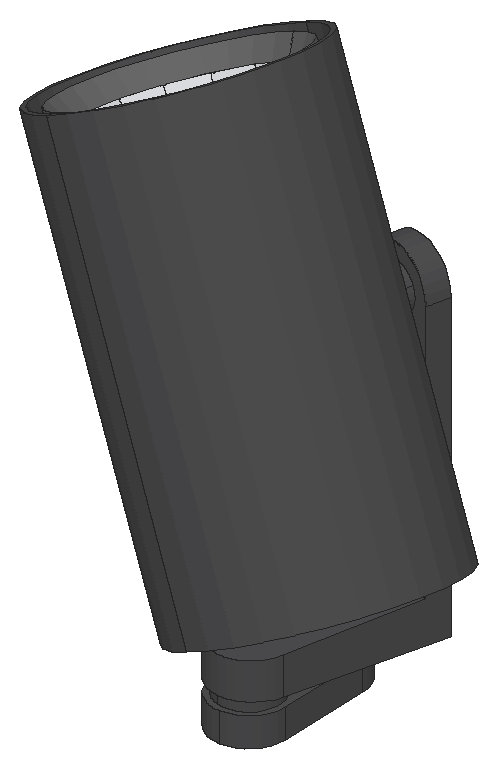
Revit family "Canilo", category Lighting Fixtures, host Face, Revit 2017 (continued)
Types (810, lengths in mm): name | system luminous flux | TK_Optic | TK_Body | System performance | SEO | ProductDataSheet | Mat | Luminaire colour | Lumen category | Lighting technology | Light colour | Lamp | IESFile | Cover / filter | CRI | Beam angle | Apparent Load
  CANILO  3P 01 LED2000-BVC FL  ET 01 | 1955 lm | "10125196" | "10161309" | 20 VA | Oktalite_Canilo_WH3100 | "http://www.oktalite.com/datasheet_print.php?language=EN&productid=63&lampid=81" | Oktalite_Alu_RAL_9016 | "RAL 9016 traffic white" | "2000 lm" | "LED" | "B+V+C" | "LED" | "CANILO_LED_FL.ies" | "without" | "-" | "Flood" | 20 VA
  CANILO  3P 01 LED2000-BVC MF-c ET 01 | 1955 lm | "10127063" | "10161309" | 20 VA | Oktalite_Canilo_WH3100 | "http://www.oktalite.com/datasheet_print.php?language=EN&productid=63&lampid=81" | Oktalite_Alu_RAL_9016 | "RAL 9016 traffic white" | "2000 lm" | "LED" | "B+V+C" | "LED" | "CANILO_LED_MF.ies" | "clear" | "-" | "Medium Flood" | 20 VA
  CANILO  3P 01 LED2000-BVC MF  ET 01 | 1955 lm | "10125193" | "10161309" | 20 VA | Oktalite_Canilo_WH3100 | "http://www.oktalite.com/datasheet_print.php?language=EN&productid=63&lampid=81" | Oktalite_Alu_RAL_9016 | "RAL 9016 traffic white" | "2000 lm" | "LED" | "B+V+C" | "LED" | "CANILO_LED_MF.ies" | "without" | "-" | "Medium Flood" | 20 VA
  CANILO  3P 01 LED2000-BVC SP-c ET 01 | 1955 lm | "10127062" | "10161309" | 20 VA | Oktalite_Canilo_WH3100 | "http://www.oktalite.com/datasheet_print.php?language=EN&productid=63&lampid=81" | Oktalite_Alu_RAL_9016 | "RAL 9016 traffic white" | "2000 lm" | "LED" | "B+V+C" | "LED" | "CANILO_LED_SP.ies" | "clear" | "-" | "Spot" | 20 VA
  CANILO  3P 01 LED2000-BVC SP  ET 01 | 1955 lm | "10125190" | "10161309" | 20 VA | Oktalite_Canilo_WH3100 | "http://www.oktalite.com/datasheet_print.php?language=EN&productid=63&lampid=81" | Oktalite_Alu_RAL_9016 | "RAL 9016 traffic white" | "2000 lm" | "LED" | "B+V+C" | "LED" | "CANILO_LED_SP.ies" | "without" | "-" | "Spot" | 20 VA
  CANILO  3P 05 LED3000-831 VFL-c ET 05 | 2815 lm | "10147536" | "10161666" | 24 VA | Oktalite_Canilo_WH3100 | "http://www.oktalite.com/datasheet_print.php?language=EN&productid=63&lampid=81" | Oktalite_Alu_RAL_9005 | "RAL 9005 jet black" | "3000 lm" | "LED" | "3100 K Efficient Colour" | "LED" | "CANILO_LED_VFL.ies" | "clear" | "85" | "Very Wide Flood" | 24 VA
  CANILO  3P 05 LED3000-831 VFL  ET 05 | 2815 lm | "10147502" | "10161666" | 24 VA | Oktalite_Canilo_WH3100 | "http://www.oktalite.com/datasheet_print.php?language=EN&productid=63&lampid=81" | Oktalite_Alu_RAL_9005 | "RAL 9005 jet black" | "3000 lm" | "LED" | "3100 K Efficient Colour" | "LED" | "CANILO_LED_VFL.ies" | "without" | "85" | "Very Wide Flood" | 24 VA
  CANILO  3P 05 LED3000-831 WFL-c ET 05 | 2815 lm | "10147535" | "10161666" | 24 VA | Oktalite_Canilo_WH3100 | "http://www.oktalite.com/datasheet_print.php?language=EN&productid=63&lampid=81" | Oktalite_Alu_RAL_9005 | "RAL 9005 jet black" | "3000 lm" | "LED" | "3100 K Efficient Colour" | "LED" | "CANILO_LED_WFL.ies" | "clear" | "85" | "Wide Flood" | 24 VA
  CANILO  3P 05 LED3000-831 WFL  ET 05 | 2815 lm | "10147501" | "10161666" | 24 VA | Oktalite_Canilo_WH3100 | "http://www.oktalite.com/datasheet_print.php?language=EN&productid=63&lampid=81" | Oktalite_Alu_RAL_9005 | "RAL 9005 jet black" | "3000 lm" | "LED" | "3100 K Efficient Colour" | "LED" | "CANILO_LED_WFL.ies" | "without" | "85" | "Wide Flood" | 24 VA
  CANILO  3P 05 LED3000-831 FL-c ET 05 | 2815 lm | "10127064" | "10161666" | 24 VA | Oktalite_Canilo_WH3100 | "http://www.oktalite.com/datasheet_print.php?language=EN&productid=63&lampid=81" | Oktalite_Alu_RAL_9005 | "RAL 9005 jet black" | "3000 lm" | "LED" | "3100 K Efficient Colour" | "LED" | "CANILO_LED_FL.ies" | "clear" | "85" | "Flood" | 24 VA
  CANILO  3P 05 LED3000-831 FL  ET 05 | 2815 lm | "10125196" | "10161666" | 24 VA | Oktalite_Canilo_WH3100 | "http://www.oktalite.com/datasheet_print.php?language=EN&productid=63&lampid=81" | Oktalite_Alu_RAL_9005 | "RAL 9005 jet black" | "3000 lm" | "LED" | "3100 K Efficient Colour" | "LED" | "CANILO_LED_FL.ies" | "without" | "85" | "Flood" | 24 VA
  CANILO  3P 05 LED3000-831 MF-c ET 05 | 2815 lm | "10127063" | "10161666" | 24 VA | Oktalite_Canilo_WH3100 | "http://www.oktalite.com/datasheet_print.php?language=EN&productid=63&lampid=81" | Oktalite_Alu_RAL_9005 | "RAL 9005 jet black" | "3000 lm" | "LED" | "3100 K Efficient Colour" | "LED" | "CANILO_LED_MF.ies" | "clear" | "85" | "Medium Flood" | 24 VA
  CANILO  3P 05 LED3000-831 MF  ET 05 | 2815 lm | "10125193" | "10161666" | 24 VA | Oktalite_Canilo_WH3100 | "http://www.oktalite.com/datasheet_print.php?language=EN&productid=63&lampid=81" | Oktalite_Alu_RAL_9005 | "RAL 9005 jet black" | "3000 lm" | "LED" | "3100 K Efficient Colour" | "LED" | "CANILO_LED_MF.ies" | "without" | "85" | "Medium Flood" | 24 VA
  CANILO  3P 05 LED3000-831 SP-c ET 05 | 2815 lm | "10127062" | "10161666" | 24 VA | Oktalite_Canilo_WH3100 | "http://www.oktalite.com/datasheet_print.php?language=EN&productid=63&lampid=81" | Oktalite_Alu_RAL_9005 | "RAL 9005 jet black" | "3000 lm" | "LED" | "3100 K Efficient Colour" | "LED" | "CANILO_LED_SP.ies" | "clear" | "85" | "Spot" | 24 VA
  CANILO  3P 05 LED3000-831 SP  ET 05 | 2815 lm | "10125190" | "10161666" | 24 VA | Oktalite_Canilo_WH3100 | "http://www.oktalite.com/datasheet_print.php?language=EN&productid=63&lampid=81" | Oktalite_Alu_RAL_9005 | "RAL 9005 jet black" | "3000 lm" | "LED" | "3100 K Efficient Colour" | "LED" | "CANILO_LED_SP.ies" | "without" | "85" | "Spot" | 24 VA
  CANILO  3P 05 LED3000-831 VFL-c ET 03 | 2815 lm | "10147536" | "10161665" | 24 VA | Oktalite_Canilo_WH3100 | "http://www.oktalite.com/datasheet_print.php?language=EN&productid=63&lampid=81" | Oktalite_Alu_RAL_9006 | "RAL 9006 white aluminium" | "3000 lm" | "LED" | "3100 K Efficient Colour" | "LED" | "CANILO_LED_VFL.ies" | "clear" | "85" | "Very Wide Flood" | 24 VA
  CANILO  3P 05 LED3000-831 VFL  ET 03 | 2815 lm | "10147502" | "10161665" | 24 VA | Oktalite_Canilo_WH3100 | "http://www.oktalite.com/datasheet_print.php?language=EN&productid=63&lampid=81" | Oktalite_Alu_RAL_9006 | "RAL 9006 white aluminium" | "3000 lm" | "LED" | "3100 K Efficient Colour" | "LED" | "CANILO_LED_VFL.ies" | "without" | "85" | "Very Wide Flood" | 24 VA
  CANILO  3P 05 LED3000-831 WFL-c ET 03 | 2815 lm | "10147535" | "10161665" | 24 VA | Oktalite_Canilo_WH3100 | "http://www.oktalite.com/datasheet_print.php?language=EN&productid=63&lampid=81" | Oktalite_Alu_RAL_9006 | "RAL 9006 white aluminium" | "3000 lm" | "LED" | "3100 K Efficient Colour" | "LED" | "CANILO_LED_WFL.ies" | "clear" | "85" | "Wide Flood" | 24 VA
  CANILO  3P 05 LED3000-831 WFL  ET 03 | 2815 lm | "10147501" | "10161665" | 24 VA | Oktalite_Canilo_WH3100 | "http://www.oktalite.com/datasheet_print.php?language=EN&productid=63&lampid=81" | Oktalite_Alu_RAL_9006 | "RAL 9006 white aluminium" | "3000 lm" | "LED" | "3100 K Efficient Colour" | "LED" | "CANILO_LED_WFL.ies" | "without" | "85" | "Wide Flood" | 24 VA
  CANILO  3P 05 LED3000-831 FL-c ET 03 | 2815 lm | "10127064" | "10161665" | 24 VA | Oktalite_Canilo_WH3100 | "http://www.oktalite.com/datasheet_print.php?language=EN&productid=63&lampid=81" | Oktalite_Alu_RAL_9006 | "RAL 9006 white aluminium" | "3000 lm" | "LED" | "3100 K Efficient Colour" | "LED" | "CANILO_LED_FL.ies" | "clear" | "85" | "Flood" | 24 VA
  CANILO  3P 05 LED3000-831 FL  ET 03 | 2815 lm | "10125196" | "10161665" | 24 VA | Oktalite_Canilo_WH3100 | "http://www.oktalite.com/datasheet_print.php?language=EN&productid=63&lampid=81" | Oktalite_Alu_RAL_9006 | "RAL 9006 white aluminium" | "3000 lm" | "LED" | "3100 K Efficient Colour" | "LED" | "CANILO_LED_FL.ies" | "without" | "85" | "Flood" | 24 VA
  CANILO  3P 05 LED3000-831 MF-c ET 03 | 2815 lm | "10127063" | "10161665" | 24 VA | Oktalite_Canilo_WH3100 | "http://www.oktalite.com/datasheet_print.php?language=EN&productid=63&lampid=81" | Oktalite_Alu_RAL_9006 | "RAL 9006 white aluminium" | "3000 lm" | "LED" | "3100 K Efficient Colour" | "LED" | "CANILO_LED_MF.ies" | "clear" | "85" | "Medium Flood" | 24 VA
  CANILO  3P 05 LED3000-831 MF  ET 03 | 2815 lm | "10125193" | "10161665" | 24 VA | Oktalite_Canilo_WH3100 | "http://www.oktalite.com/datasheet_print.php?language=EN&productid=63&lampid=81" | Oktalite_Alu_RAL_9006 | "RAL 9006 white aluminium" | "3000 lm" | "LED" | "3100 K Efficient Colour" | "LED" | "CANILO_LED_MF.ies" | "without" | "85" | "Medium Flood" | 24 VA
  CANILO  3P 05 LED3000-831 SP-c ET 03 | 2815 lm | "10127062" | "10161665" | 24 VA | Oktalite_Canilo_WH3100 | "http://www.oktalite.com/datasheet_print.php?language=EN&productid=63&lampid=81" | Oktalite_Alu_RAL_9006 | "RAL 9006 white aluminium" | "3000 lm" | "LED" | "3100 K Efficient Colour" | "LED" | "CANILO_LED_SP.ies" | "clear" | "85" | "Spot" | 24 VA
  CANILO  3P 05 LED3000-831 SP  ET 03 | 2815 lm | "10125190" | "10161665" | 24 VA | Oktalite_Canilo_WH3100 | "http://www.oktalite.com/datasheet_print.php?language=EN&productid=63&lampid=81" | Oktalite_Alu_RAL_9006 | "RAL 9006 white aluminium" | "3000 lm" | "LED" | "3100 K Efficient Colour" | "LED" | "CANILO_LED_SP.ies" | "without" | "85" | "Spot" | 24 VA
  CANILO  3P 01 LED3000-831 VFL-c ET 01 | 2815 lm | "10147536" | "10161664" | 24 VA | Oktalite_Canilo_WH3100 | "http://www.oktalite.com/datasheet_print.php?language=EN&productid=63&lampid=81" | Oktalite_Alu_RAL_9016 | "RAL 9016 traffic white" | "3000 lm" | "LED" | "3100 K Efficient Colour" | "LED" | "CANILO_LED_VFL.ies" | "clear" | "85" | "Very Wide Flood" | 24 VA
  CANILO  3P 01 LED3000-831 VFL  ET 01 | 2815 lm | "10147502" | "10161664" | 24 VA | Oktalite_Canilo_WH3100 | "http://www.oktalite.com/datasheet_print.php?language=EN&productid=63&lampid=81" | Oktalite_Alu_RAL_9016 | "RAL 9016 traffic white" | "3000 lm" | "LED" | "3100 K Efficient Colour" | "LED" | "CANILO_LED_VFL.ies" | "without" | "85" | "Very Wide Flood" | 24 VA
  CANILO  3P 01 LED3000-831 WFL-c ET 01 | 2815 lm | "10147535" | "10161664" | 24 VA | Oktalite_Canilo_WH3100 | "http://www.oktalite.com/datasheet_print.php?language=EN&productid=63&lampid=81" | Oktalite_Alu_RAL_9016 | "RAL 9016 traffic white" | "3000 lm" | "LED" | "3100 K Efficient Colour" | "LED" | "CANILO_LED_WFL.ies" | "clear" | "85" | "Wide Flood" | 24 VA
  CANILO  3P 01 LED3000-831 WFL  ET 01 | 2815 lm | "10147501" | "10161664" | 24 VA | Oktalite_Canilo_WH3100 | "http://www.oktalite.com/datasheet_print.php?language=EN&productid=63&lampid=81" | Oktalite_Alu_RAL_9016 | "RAL 9016 traffic white" | "3000 lm" | "LED" | "3100 K Efficient Colour" | "LED" | "CANILO_LED_WFL.ies" | "without" | "85" | "Wide Flood" | 24 VA
  CANILO  3P 01 LED3000-831 FL-c ET 01 | 2815 lm | "10127064" | "10161664" | 24 VA | Oktalite_Canilo_WH3100 | "http://www.oktalite.com/datasheet_print.php?language=EN&productid=63&lampid=81" | Oktalite_Alu_RAL_9016 | "RAL 9016 traffic white" | "3000 lm" | "LED" | "3100 K Efficient Colour" | "LED" | "CANILO_LED_FL.ies" | "clear" | "85" | "Flood" | 24 VA
  CANILO  3P 01 LED3000-831 FL  ET 01 | 2815 lm | "10125196" | "10161664" | 24 VA | Oktalite_Canilo_WH3100 | "http://www.oktalite.com/datasheet_print.php?language=EN&productid=63&lampid=81" | Oktalite_Alu_RAL_9016 | "RAL 9016 traffic white" | "3000 lm" | "LED" | "3100 K Efficient Colour" | "LED" | "CANILO_LED_FL.ies" | "without" | "85" | "Flood" | 24 VA
  CANILO  3P 01 LED3000-831 MF-c ET 01 | 2815 lm | "10127063" | "10161664" | 24 VA | Oktalite_Canilo_WH3100 | "http://www.oktalite.com/datasheet_print.php?language=EN&productid=63&lampid=81" | Oktalite_Alu_RAL_9016 | "RAL 9016 traffic white" | "3000 lm" | "LED" | "3100 K Efficient Colour" | "LED" | "CANILO_LED_MF.ies" | "clear" | "85" | "Medium Flood" | 24 VA
  CANILO  3P 01 LED3000-831 MF  ET 01 | 2815 lm | "10125193" | "10161664" | 24 VA | Oktalite_Canilo_WH3100 | "http://www.oktalite.com/datasheet_print.php?language=EN&productid=63&lampid=81" | Oktalite_Alu_RAL_9016 | "RAL 9016 traffic white" | "3000 lm" | "LED" | "3100 K Efficient Colour" | "LED" | "CANILO_LED_MF.ies" | "without" | "85" | "Medium Flood" | 24 VA
  CANILO  3P 01 LED3000-831 SP-c ET 01 | 2815 lm | "10127062" | "10161664" | 24 VA | Oktalite_Canilo_WH3100 | "http://www.oktalite.com/datasheet_print.php?language=EN&productid=63&lampid=81" | Oktalite_Alu_RAL_9016 | "RAL 9016 traffic white" | "3000 lm" | "LED" | "3100 K Efficient Colour" | "LED" | "CANILO_LED_SP.ies" | "clear" | "85" | "Spot" | 24 VA
  CANILO  3P 01 LED3000-831 SP  ET 01 | 2815 lm | "10125190" | "10161664" | 24 VA | Oktalite_Canilo_WH3100 | "http://www.oktalite.com/datasheet_print.php?language=EN&productid=63&lampid=81" | Oktalite_Alu_RAL_9016 | "RAL 9016 traffic white" | "3000 lm" | "LED" | "3100 K Efficient Colour" | "LED" | "CANILO_LED_SP.ies" | "without" | "85" | "Spot" | 24 VA
  CANILO  3P 05 LED3000-931 VFL-c ET 05 | 2895 lm | "10147536" | "10161675" | 32 VA | Oktalite_Canilo_WH3100 | "http://www.oktalite.com/datasheet_print.php?language=EN&productid=63&lampid=81" | Oktalite_Alu_RAL_9005 | "RAL 9005 jet black" | "3000 lm" | "LED" | "3100 K Best Colour" | "LED" | "CANILO_LED_VFL.ies" | "clear" | "95" | "Very Wide Flood" | 32 VA
  CANILO  3P 05 LED3000-931 VFL  ET 05 | 2895 lm | "10147502" | "10161675" | 32 VA | Oktalite_Canilo_WH3100 | "http://www.oktalite.com/datasheet_print.php?language=EN&productid=63&lampid=81" | Oktalite_Alu_RAL_9005 | "RAL 9005 jet black" | "3000 lm" | "LED" | "3100 K Best Colour" | "LED" | "CANILO_LED_VFL.ies" | "without" | "95" | "Very Wide Flood" | 32 VA
  CANILO  3P 05 LED3000-931 WFL-c ET 05 | 2895 lm | "10147535" | "10161675" | 32 VA | Oktalite_Canilo_WH3100 | "http://www.oktalite.com/datasheet_print.php?language=EN&productid=63&lampid=81" | Oktalite_Alu_RAL_9005 | "RAL 9005 jet black" | "3000 lm" | "LED" | "3100 K Best Colour" | "LED" | "CANILO_LED_WFL.ies" | "clear" | "95" | "Wide Flood" | 32 VA
  CANILO  3P 05 LED3000-931 WFL  ET 05 | 2895 lm | "10147501" | "10161675" | 32 VA | Oktalite_Canilo_WH3100 | "http://www.oktalite.com/datasheet_print.php?language=EN&productid=63&lampid=81" | Oktalite_Alu_RAL_9005 | "RAL 9005 jet black" | "3000 lm" | "LED" | "3100 K Best Colour" | "LED" | "CANILO_LED_WFL.ies" | "without" | "95" | "Wide Flood" | 32 VA
  CANILO  3P 05 LED3000-931 FL-c ET 05 | 2895 lm | "10127064" | "10161675" | 32 VA | Oktalite_Canilo_WH3100 | "http://www.oktalite.com/datasheet_print.php?language=EN&productid=63&lampid=81" | Oktalite_Alu_RAL_9005 | "RAL 9005 jet black" | "3000 lm" | "LED" | "3100 K Best Colour" | "LED" | "CANILO_LED_FL.ies" | "clear" | "95" | "Flood" | 32 VA
  CANILO  3P 05 LED3000-931 FL  ET 05 | 2895 lm | "10125196" | "10161675" | 32 VA | Oktalite_Canilo_WH3100 | "http://www.oktalite.com/datasheet_print.php?language=EN&productid=63&lampid=81" | Oktalite_Alu_RAL_9005 | "RAL 9005 jet black" | "3000 lm" | "LED" | "3100 K Best Colour" | "LED" | "CANILO_LED_FL.ies" | "without" | "95" | "Flood" | 32 VA
  CANILO  3P 05 LED3000-931 MF-c ET 05 | 2895 lm | "10127063" | "10161675" | 32 VA | Oktalite_Canilo_WH3100 | "http://www.oktalite.com/datasheet_print.php?language=EN&productid=63&lampid=81" | Oktalite_Alu_RAL_9005 | "RAL 9005 jet black" | "3000 lm" | "LED" | "3100 K Best Colour" | "LED" | "CANILO_LED_MF.ies" | "clear" | "95" | "Medium Flood" | 32 VA
  CANILO  3P 05 LED3000-931 MF  ET 05 | 2895 lm | "10125193" | "10161675" | 32 VA | Oktalite_Canilo_WH3100 | "http://www.oktalite.com/datasheet_print.php?language=EN&productid=63&lampid=81" | Oktalite_Alu_RAL_9005 | "RAL 9005 jet black" | "3000 lm" | "LED" | "3100 K Best Colour" | "LED" | "CANILO_LED_MF.ies" | "without" | "95" | "Medium Flood" | 32 VA
  CANILO  3P 05 LED3000-931 SP-c ET 05 | 2895 lm | "10127062" | "10161675" | 32 VA | Oktalite_Canilo_WH3100 | "http://www.oktalite.com/datasheet_print.php?language=EN&productid=63&lampid=81" | Oktalite_Alu_RAL_9005 | "RAL 9005 jet black" | "3000 lm" | "LED" | "3100 K Best Colour" | "LED" | "CANILO_LED_SP.ies" | "clear" | "95" | "Spot" | 32 VA
  CANILO  3P 05 LED3000-931 SP  ET 05 | 2895 lm | "10125190" | "10161675" | 32 VA | Oktalite_Canilo_WH3100 | "http://www.oktalite.com/datasheet_print.php?language=EN&productid=63&lampid=81" | Oktalite_Alu_RAL_9005 | "RAL 9005 jet black" | "3000 lm" | "LED" | "3100 K Best Colour" | "LED" | "CANILO_LED_SP.ies" | "without" | "95" | "Spot" | 32 VA
  CANILO  3P 05 LED3000-931 VFL-c ET 03 | 2895 lm | "10147536" | "10161674" | 32 VA | Oktalite_Canilo_WH3100 | "http://www.oktalite.com/datasheet_print.php?language=EN&productid=63&lampid=81" | Oktalite_Alu_RAL_9006 | "RAL 9006 white aluminium" | "3000 lm" | "LED" | "3100 K Best Colour" | "LED" | "CANILO_LED_VFL.ies" | "clear" | "95" | "Very Wide Flood" | 32 VA
  CANILO  3P 05 LED3000-931 VFL  ET 03 | 2895 lm | "10147502" | "10161674" | 32 VA | Oktalite_Canilo_WH3100 | "http://www.oktalite.com/datasheet_print.php?language=EN&productid=63&lampid=81" | Oktalite_Alu_RAL_9006 | "RAL 9006 white aluminium" | "3000 lm" | "LED" | "3100 K Best Colour" | "LED" | "CANILO_LED_VFL.ies" | "without" | "95" | "Very Wide Flood" | 32 VA
  CANILO  3P 05 LED3000-931 WFL-c ET 03 | 2895 lm | "10147535" | "10161674" | 32 VA | Oktalite_Canilo_WH3100 | "http://www.oktalite.com/datasheet_print.php?language=EN&productid=63&lampid=81" | Oktalite_Alu_RAL_9006 | "RAL 9006 white aluminium" | "3000 lm" | "LED" | "3100 K Best Colour" | "LED" | "CANILO_LED_WFL.ies" | "clear" | "95" | "Wide Flood" | 32 VA
  CANILO  3P 05 LED3000-931 WFL  ET 03 | 2895 lm | "10147501" | "10161674" | 32 VA | Oktalite_Canilo_WH3100 | "http://www.oktalite.com/datasheet_print.php?language=EN&productid=63&lampid=81" | Oktalite_Alu_RAL_9006 | "RAL 9006 white aluminium" | "3000 lm" | "LED" | "3100 K Best Colour" | "LED" | "CANILO_LED_WFL.ies" | "without" | "95" | "Wide Flood" | 32 VA
  CANILO  3P 05 LED3000-931 FL-c ET 03 | 2895 lm | "10127064" | "10161674" | 32 VA | Oktalite_Canilo_WH3100 | "http://www.oktalite.com/datasheet_print.php?language=EN&productid=63&lampid=81" | Oktalite_Alu_RAL_9006 | "RAL 9006 white aluminium" | "3000 lm" | "LED" | "3100 K Best Colour" | "LED" | "CANILO_LED_FL.ies" | "clear" | "95" | "Flood" | 32 VA
  CANILO  3P 05 LED3000-931 FL  ET 03 | 2895 lm | "10125196" | "10161674" | 32 VA | Oktalite_Canilo_WH3100 | "http://www.oktalite.com/datasheet_print.php?language=EN&productid=63&lampid=81" | Oktalite_Alu_RAL_9006 | "RAL 9006 white aluminium" | "3000 lm" | "LED" | "3100 K Best Colour" | "LED" | "CANILO_LED_FL.ies" | "without" | "95" | "Flood" | 32 VA
  CANILO  3P 05 LED3000-931 MF-c ET 03 | 2895 lm | "10127063" | "10161674" | 32 VA | Oktalite_Canilo_WH3100 | "http://www.oktalite.com/datasheet_print.php?language=EN&productid=63&lampid=81" | Oktalite_Alu_RAL_9006 | "RAL 9006 white aluminium" | "3000 lm" | "LED" | "3100 K Best Colour" | "LED" | "CANILO_LED_MF.ies" | "clear" | "95" | "Medium Flood" | 32 VA
  CANILO  3P 05 LED3000-931 MF  ET 03 | 2895 lm | "10125193" | "10161674" | 32 VA | Oktalite_Canilo_WH3100 | "http://www.oktalite.com/datasheet_print.php?language=EN&productid=63&lampid=81" | Oktalite_Alu_RAL_9006 | "RAL 9006 white aluminium" | "3000 lm" | "LED" | "3100 K Best Colour" | "LED" | "CANILO_LED_MF.ies" | "without" | "95" | "Medium Flood" | 32 VA
  CANILO  3P 05 LED3000-931 SP-c ET 03 | 2895 lm | "10127062" | "10161674" | 32 VA | Oktalite_Canilo_WH3100 | "http://www.oktalite.com/datasheet_print.php?language=EN&productid=63&lampid=81" | Oktalite_Alu_RAL_9006 | "RAL 9006 white aluminium" | "3000 lm" | "LED" | "3100 K Best Colour" | "LED" | "CANILO_LED_SP.ies" | "clear" | "95" | "Spot" | 32 VA
  CANILO  3P 05 LED3000-931 SP  ET 03 | 2895 lm | "10125190" | "10161674" | 32 VA | Oktalite_Canilo_WH3100 | "http://www.oktalite.com/datasheet_print.php?language=EN&productid=63&lampid=81" | Oktalite_Alu_RAL_9006 | "RAL 9006 white aluminium" | "3000 lm" | "LED" | "3100 K Best Colour" | "LED" | "CANILO_LED_SP.ies" | "without" | "95" | "Spot" | 32 VA
  CANILO  3P 01 LED3000-931 VFL-c ET 01 | 2895 lm | "10147536" | "10161673" | 32 VA | Oktalite_Canilo_WH3100 | "http://www.oktalite.com/datasheet_print.php?language=EN&productid=63&lampid=81" | Oktalite_Alu_RAL_9016 | "RAL 9016 traffic white" | "3000 lm" | "LED" | "3100 K Best Colour" | "LED" | "CANILO_LED_VFL.ies" | "clear" | "95" | "Very Wide Flood" | 32 VA
  CANILO  3P 01 LED3000-931 VFL  ET 01 | 2895 lm | "10147502" | "10161673" | 32 VA | Oktalite_Canilo_WH3100 | "http://www.oktalite.com/datasheet_print.php?language=EN&productid=63&lampid=81" | Oktalite_Alu_RAL_9016 | "RAL 9016 traffic white" | "3000 lm" | "LED" | "3100 K Best Colour" | "LED" | "CANILO_LED_VFL.ies" | "without" | "95" | "Very Wide Flood" | 32 VA
  CANILO  3P 01 LED3000-931 WFL-c ET 01 | 2895 lm | "10147535" | "10161673" | 32 VA | Oktalite_Canilo_WH3100 | "http://www.oktalite.com/datasheet_print.php?language=EN&productid=63&lampid=81" | Oktalite_Alu_RAL_9016 | "RAL 9016 traffic white" | "3000 lm" | "LED" | "3100 K Best Colour" | "LED" | "CANILO_LED_WFL.ies" | "clear" | "95" | "Wide Flood" | 32 VA
  CANILO  3P 01 LED3000-931 WFL  ET 01 | 2895 lm | "10147501" | "10161673" | 32 VA | Oktalite_Canilo_WH3100 | "http://www.oktalite.com/datasheet_print.php?language=EN&productid=63&lampid=81" | Oktalite_Alu_RAL_9016 | "RAL 9016 traffic white" | "3000 lm" | "LED" | "3100 K Best Colour" | "LED" | "CANILO_LED_WFL.ies" | "without" | "95" | "Wide Flood" | 32 VA
  CANILO  3P 01 LED3000-931 FL-c ET 01 | 2895 lm | "10127064" | "10161673" | 32 VA | Oktalite_Canilo_WH3100 | "http://www.oktalite.com/datasheet_print.php?language=EN&productid=63&lampid=81" | Oktalite_Alu_RAL_9016 | "RAL 9016 traffic white" | "3000 lm" | "LED" | "3100 K Best Colour" | "LED" | "CANILO_LED_FL.ies" | "clear" | "95" | "Flood" | 32 VA
  CANILO  3P 01 LED3000-931 FL  ET 01 | 2895 lm | "10125196" | "10161673" | 32 VA | Oktalite_Canilo_WH3100 | "http://www.oktalite.com/datasheet_print.php?language=EN&productid=63&lampid=81" | Oktalite_Alu_RAL_9016 | "RAL 9016 traffic white" | "3000 lm" | "LED" | "3100 K Best Colour" | "LED" | "CANILO_LED_FL.ies" | "without" | "95" | "Flood" | 32 VA
  CANILO  3P 01 LED3000-931 MF-c ET 01 | 2895 lm | "10127063" | "10161673" | 32 VA | Oktalite_Canilo_WH3100 | "http://www.oktalite.com/datasheet_print.php?language=EN&productid=63&lampid=81" | Oktalite_Alu_RAL_9016 | "RAL 9016 traffic white" | "3000 lm" | "LED" | "3100 K Best Colour" | "LED" | "CANILO_LED_MF.ies" | "clear" | "95" | "Medium Flood" | 32 VA
  CANILO  3P 01 LED3000-931 MF  ET 01 | 2895 lm | "10125193" | "10161673" | 32 VA | Oktalite_Canilo_WH3100 | "http://www.oktalite.com/datasheet_print.php?language=EN&productid=63&lampid=81" | Oktalite_Alu_RAL_9016 | "RAL 9016 traffic white" | "3000 lm" | "LED" | "3100 K Best Colour" | "LED" | "CANILO_LED_MF.ies" | "without" | "95" | "Medium Flood" | 32 VA
  CANILO  3P 01 LED3000-931 SP-c ET 01 | 2895 lm | "10127062" | "10161673" | 32 VA | Oktalite_Canilo_WH3100 | "http://www.oktalite.com/datasheet_print.php?language=EN&productid=63&lampid=81" | Oktalite_Alu_RAL_9016 | "RAL 9016 traffic white" | "3000 lm" | "LED" | "3100 K Best Colour" | "LED" | "CANILO_LED_SP.ies" | "clear" | "95" | "Spot" | 32 VA
  CANILO  3P 01 LED3000-931 SP  ET 01 | 2895 lm | "10125190" | "10161673" | 32 VA | Oktalite_Canilo_WH3100 | "http://www.oktalite.com/datasheet_print.php?language=EN&productid=63&lampid=81" | Oktalite_Alu_RAL_9016 | "RAL 9016 traffic white" | "3000 lm" | "LED" | "3100 K Best Colour" | "LED" | "CANILO_LED_SP.ies" | "without" | "95" | "Spot" | 32 VA
  CANILO  3P 05 LED3000-840 VFL-c ET 05 | 2995 lm | "10147536" | "10161672" | 24 VA | Oktalite_Canilo_WH4000 | "http://www.oktalite.com/datasheet_print.php?language=EN&productid=63&lampid=81" | Oktalite_Alu_RAL_9005 | "RAL 9005 jet black" | "3000 lm" | "LED" | "4000 K" | "LED" | "CANILO_LED_VFL.ies" | "clear" | "85" | "Very Wide Flood" | 24 VA
  CANILO  3P 05 LED3000-840 VFL  ET 05 | 2995 lm | "10147502" | "10161672" | 24 VA | Oktalite_Canilo_WH4000 | "http://www.oktalite.com/datasheet_print.php?language=EN&productid=63&lampid=81" | Oktalite_Alu_RAL_9005 | "RAL 9005 jet black" | "3000 lm" | "LED" | "4000 K" | "LED" | "CANILO_LED_VFL.ies" | "without" | "85" | "Very Wide Flood" | 24 VA
  CANILO  3P 05 LED3000-840 WFL-c ET 05 | 2995 lm | "10147535" | "10161672" | 24 VA | Oktalite_Canilo_WH4000 | "http://www.oktalite.com/datasheet_print.php?language=EN&productid=63&lampid=81" | Oktalite_Alu_RAL_9005 | "RAL 9005 jet black" | "3000 lm" | "LED" | "4000 K" | "LED" | "CANILO_LED_WFL.ies" | "clear" | "85" | "Wide Flood" | 24 VA
  CANILO  3P 05 LED3000-840 WFL  ET 05 | 2995 lm | "10147501" | "10161672" | 24 VA | Oktalite_Canilo_WH4000 | "http://www.oktalite.com/datasheet_print.php?language=EN&productid=63&lampid=81" | Oktalite_Alu_RAL_9005 | "RAL 9005 jet black" | "3000 lm" | "LED" | "4000 K" | "LED" | "CANILO_LED_WFL.ies" | "without" | "85" | "Wide Flood" | 24 VA
  CANILO  3P 05 LED3000-840 FL-c ET 05 | 2995 lm | "10127064" | "10161672" | 24 VA | Oktalite_Canilo_WH4000 | "http://www.oktalite.com/datasheet_print.php?language=EN&productid=63&lampid=81" | Oktalite_Alu_RAL_9005 | "RAL 9005 jet black" | "3000 lm" | "LED" | "4000 K" | "LED" | "CANILO_LED_FL.ies" | "clear" | "85" | "Flood" | 24 VA
  CANILO  3P 05 LED3000-840 FL  ET 05 | 2995 lm | "10125196" | "10161672" | 24 VA | Oktalite_Canilo_WH4000 | "http://www.oktalite.com/datasheet_print.php?language=EN&productid=63&lampid=81" | Oktalite_Alu_RAL_9005 | "RAL 9005 jet black" | "3000 lm" | "LED" | "4000 K" | "LED" | "CANILO_LED_FL.ies" | "without" | "85" | "Flood" | 24 VA
  CANILO  3P 05 LED3000-840 MF-c ET 05 | 2995 lm | "10127063" | "10161672" | 24 VA | Oktalite_Canilo_WH4000 | "http://www.oktalite.com/datasheet_print.php?language=EN&productid=63&lampid=81" | Oktalite_Alu_RAL_9005 | "RAL 9005 jet black" | "3000 lm" | "LED" | "4000 K" | "LED" | "CANILO_LED_MF.ies" | "clear" | "85" | "Medium Flood" | 24 VA
  CANILO  3P 05 LED3000-840 MF  ET 05 | 2995 lm | "10125193" | "10161672" | 24 VA | Oktalite_Canilo_WH4000 | "http://www.oktalite.com/datasheet_print.php?language=EN&productid=63&lampid=81" | Oktalite_Alu_RAL_9005 | "RAL 9005 jet black" | "3000 lm" | "LED" | "4000 K" | "LED" | "CANILO_LED_MF.ies" | "without" | "85" | "Medium Flood" | 24 VA
  CANILO  3P 05 LED3000-840 SP-c ET 05 | 2995 lm | "10127062" | "10161672" | 24 VA | Oktalite_Canilo_WH4000 | "http://www.oktalite.com/datasheet_print.php?language=EN&productid=63&lampid=81" | Oktalite_Alu_RAL_9005 | "RAL 9005 jet black" | "3000 lm" | "LED" | "4000 K" | "LED" | "CANILO_LED_SP.ies" | "clear" | "85" | "Spot" | 24 VA
  CANILO  3P 05 LED3000-840 SP  ET 05 | 2995 lm | "10125190" | "10161672" | 24 VA | Oktalite_Canilo_WH4000 | "http://www.oktalite.com/datasheet_print.php?language=EN&productid=63&lampid=81" | Oktalite_Alu_RAL_9005 | "RAL 9005 jet black" | "3000 lm" | "LED" | "4000 K" | "LED" | "CANILO_LED_SP.ies" | "without" | "85" | "Spot" | 24 VA
  CANILO  3P 05 LED3000-840 VFL-c ET 03 | 2995 lm | "10147536" | "10161671" | 24 VA | Oktalite_Canilo_WH4000 | "http://www.oktalite.com/datasheet_print.php?language=EN&productid=63&lampid=81" | Oktalite_Alu_RAL_9006 | "RAL 9006 white aluminium" | "3000 lm" | "LED" | "4000 K" | "LED" | "CANILO_LED_VFL.ies" | "clear" | "85" | "Very Wide Flood" | 24 VA
  CANILO  3P 05 LED3000-840 VFL  ET 03 | 2995 lm | "10147502" | "10161671" | 24 VA | Oktalite_Canilo_WH4000 | "http://www.oktalite.com/datasheet_print.php?language=EN&productid=63&lampid=81" | Oktalite_Alu_RAL_9006 | "RAL 9006 white aluminium" | "3000 lm" | "LED" | "4000 K" | "LED" | "CANILO_LED_VFL.ies" | "without" | "85" | "Very Wide Flood" | 24 VA
  CANILO  3P 05 LED3000-840 WFL-c ET 03 | 2995 lm | "10147535" | "10161671" | 24 VA | Oktalite_Canilo_WH4000 | "http://www.oktalite.com/datasheet_print.php?language=EN&productid=63&lampid=81" | Oktalite_Alu_RAL_9006 | "RAL 9006 white aluminium" | "3000 lm" | "LED" | "4000 K" | "LED" | "CANILO_LED_WFL.ies" | "clear" | "85" | "Wide Flood" | 24 VA
  CANILO  3P 05 LED3000-840 WFL  ET 03 | 2995 lm | "10147501" | "10161671" | 24 VA | Oktalite_Canilo_WH4000 | "http://www.oktalite.com/datasheet_print.php?language=EN&productid=63&lampid=81" | Oktalite_Alu_RAL_9006 | "RAL 9006 white aluminium" | "3000 lm" | "LED" | "4000 K" | "LED" | "CANILO_LED_WFL.ies" | "without" | "85" | "Wide Flood" | 24 VA
  CANILO  3P 05 LED3000-840 FL-c ET 03 | 2995 lm | "10127064" | "10161671" | 24 VA | Oktalite_Canilo_WH4000 | "http://www.oktalite.com/datasheet_print.php?language=EN&productid=63&lampid=81" | Oktalite_Alu_RAL_9006 | "RAL 9006 white aluminium" | "3000 lm" | "LED" | "4000 K" | "LED" | "CANILO_LED_FL.ies" | "clear" | "85" | "Flood" | 24 VA
  CANILO  3P 05 LED3000-840 FL  ET 03 | 2995 lm | "10125196" | "10161671" | 24 VA | Oktalite_Canilo_WH4000 | "http://www.oktalite.com/datasheet_print.php?language=EN&productid=63&lampid=81" | Oktalite_Alu_RAL_9006 | "RAL 9006 white aluminium" | "3000 lm" | "LED" | "4000 K" | "LED" | "CANILO_LED_FL.ies" | "without" | "85" | "Flood" | 24 VA
  CANILO  3P 05 LED3000-840 MF-c ET 03 | 2995 lm | "10127063" | "10161671" | 24 VA | Oktalite_Canilo_WH4000 | "http://www.oktalite.com/datasheet_print.php?language=EN&productid=63&lampid=81" | Oktalite_Alu_RAL_9006 | "RAL 9006 white aluminium" | "3000 lm" | "LED" | "4000 K" | "LED" | "CANILO_LED_MF.ies" | "clear" | "85" | "Medium Flood" | 24 VA
  CANILO  3P 05 LED3000-840 MF  ET 03 | 2995 lm | "10125193" | "10161671" | 24 VA | Oktalite_Canilo_WH4000 | "http://www.oktalite.com/datasheet_print.php?language=EN&productid=63&lampid=81" | Oktalite_Alu_RAL_9006 | "RAL 9006 white aluminium" | "3000 lm" | "LED" | "4000 K" | "LED" | "CANILO_LED_MF.ies" | "without" | "85" | "Medium Flood" | 24 VA
  CANILO  3P 05 LED3000-840 SP-c ET 03 | 2995 lm | "10127062" | "10161671" | 24 VA | Oktalite_Canilo_WH4000 | "http://www.oktalite.com/datasheet_print.php?language=EN&productid=63&lampid=81" | Oktalite_Alu_RAL_9006 | "RAL 9006 white aluminium" | "3000 lm" | "LED" | "4000 K" | "LED" | "CANILO_LED_SP.ies" | "clear" | "85" | "Spot" | 24 VA
  CANILO  3P 05 LED3000-840 SP  ET 03 | 2995 lm | "10125190" | "10161671" | 24 VA | Oktalite_Canilo_WH4000 | "http://www.oktalite.com/datasheet_print.php?language=EN&productid=63&lampid=81" | Oktalite_Alu_RAL_9006 | "RAL 9006 white aluminium" | "3000 lm" | "LED" | "4000 K" | "LED" | "CANILO_LED_SP.ies" | "without" | "85" | "Spot" | 24 VA
  CANILO  3P 01 LED3000-840 VFL-c ET 01 | 2995 lm | "10147536" | "10161670" | 24 VA | Oktalite_Canilo_WH4000 | "http://www.oktalite.com/datasheet_print.php?language=EN&productid=63&lampid=81" | Oktalite_Alu_RAL_9016 | "RAL 9016 traffic white" | "3000 lm" | "LED" | "4000 K" | "LED" | "CANILO_LED_VFL.ies" | "clear" | "85" | "Very Wide Flood" | 24 VA
  CANILO  3P 01 LED3000-840 VFL  ET 01 | 2995 lm | "10147502" | "10161670" | 24 VA | Oktalite_Canilo_WH4000 | "http://www.oktalite.com/datasheet_print.php?language=EN&productid=63&lampid=81" | Oktalite_Alu_RAL_9016 | "RAL 9016 traffic white" | "3000 lm" | "LED" | "4000 K" | "LED" | "CANILO_LED_VFL.ies" | "without" | "85" | "Very Wide Flood" | 24 VA
  CANILO  3P 01 LED3000-840 WFL-c ET 01 | 2995 lm | "10147535" | "10161670" | 24 VA | Oktalite_Canilo_WH4000 | "http://www.oktalite.com/datasheet_print.php?language=EN&productid=63&lampid=81" | Oktalite_Alu_RAL_9016 | "RAL 9016 traffic white" | "3000 lm" | "LED" | "4000 K" | "LED" | "CANILO_LED_WFL.ies" | "clear" | "85" | "Wide Flood" | 24 VA
  CANILO  3P 01 LED3000-840 WFL  ET 01 | 2995 lm | "10147501" | "10161670" | 24 VA | Oktalite_Canilo_WH4000 | "http://www.oktalite.com/datasheet_print.php?language=EN&productid=63&lampid=81" | Oktalite_Alu_RAL_9016 | "RAL 9016 traffic white" | "3000 lm" | "LED" | "4000 K" | "LED" | "CANILO_LED_WFL.ies" | "without" | "85" | "Wide Flood" | 24 VA
  CANILO  3P 01 LED3000-840 FL-c ET 01 | 2995 lm | "10127064" | "10161670" | 24 VA | Oktalite_Canilo_WH4000 | "http://www.oktalite.com/datasheet_print.php?language=EN&productid=63&lampid=81" | Oktalite_Alu_RAL_9016 | "RAL 9016 traffic white" | "3000 lm" | "LED" | "4000 K" | "LED" | "CANILO_LED_FL.ies" | "clear" | "85" | "Flood" | 24 VA
  CANILO  3P 01 LED3000-840 FL  ET 01 | 2995 lm | "10125196" | "10161670" | 24 VA | Oktalite_Canilo_WH4000 | "http://www.oktalite.com/datasheet_print.php?language=EN&productid=63&lampid=81" | Oktalite_Alu_RAL_9016 | "RAL 9016 traffic white" | "3000 lm" | "LED" | "4000 K" | "LED" | "CANILO_LED_FL.ies" | "without" | "85" | "Flood" | 24 VA
  CANILO  3P 01 LED3000-840 MF-c ET 01 | 2995 lm | "10127063" | "10161670" | 24 VA | Oktalite_Canilo_WH4000 | "http://www.oktalite.com/datasheet_print.php?language=EN&productid=63&lampid=81" | Oktalite_Alu_RAL_9016 | "RAL 9016 traffic white" | "3000 lm" | "LED" | "4000 K" | "LED" | "CANILO_LED_MF.ies" | "clear" | "85" | "Medium Flood" | 24 VA
  CANILO  3P 01 LED3000-840 MF  ET 01 | 2995 lm | "10125193" | "10161670" | 24 VA | Oktalite_Canilo_WH4000 | "http://www.oktalite.com/datasheet_print.php?language=EN&productid=63&lampid=81" | Oktalite_Alu_RAL_9016 | "RAL 9016 traffic white" | "3000 lm" | "LED" | "4000 K" | "LED" | "CANILO_LED_MF.ies" | "without" | "85" | "Medium Flood" | 24 VA
  CANILO  3P 01 LED3000-840 SP-c ET 01 | 2995 lm | "10127062" | "10161670" | 24 VA | Oktalite_Canilo_WH4000 | "http://www.oktalite.com/datasheet_print.php?language=EN&productid=63&lampid=81" | Oktalite_Alu_RAL_9016 | "RAL 9016 traffic white" | "3000 lm" | "LED" | "4000 K" | "LED" | "CANILO_LED_SP.ies" | "clear" | "85" | "Spot" | 24 VA
  CANILO  3P 01 LED3000-840 SP  ET 01 | 2995 lm | "10125190" | "10161670" | 24 VA | Oktalite_Canilo_WH4000 | "http://www.oktalite.com/datasheet_print.php?language=EN&productid=63&lampid=81" | Oktalite_Alu_RAL_9016 | "RAL 9016 traffic white" | "3000 lm" | "LED" | "4000 K" | "LED" | "CANILO_LED_SP.ies" | "without" | "85" | "Spot" | 24 VA
  CANILO  3P 05 LED3000-835 VFL-c ET 05 | 2930 lm | "10147536" | "10161669" | 24 VA | Oktalite_Canilo_WH3500 | "http://www.oktalite.com/datasheet_print.php?language=EN&productid=63&lampid=81" | Oktalite_Alu_RAL_9005 | "RAL 9005 jet black" | "3000 lm" | "LED" | "3500 K" | "LED" | "CANILO_LED_VFL.ies" | "clear" | "85" | "Very Wide Flood" | 24 VA
  CANILO  3P 05 LED3000-835 VFL  ET 05 | 2930 lm | "10147502" | "10161669" | 24 VA | Oktalite_Canilo_WH3500 | "http://www.oktalite.com/datasheet_print.php?language=EN&productid=63&lampid=81" | Oktalite_Alu_RAL_9005 | "RAL 9005 jet black" | "3000 lm" | "LED" | "3500 K" | "LED" | "CANILO_LED_VFL.ies" | "without" | "85" | "Very Wide Flood" | 24 VA
  CANILO  3P 05 LED3000-835 WFL-c ET 05 | 2930 lm | "10147535" | "10161669" | 24 VA | Oktalite_Canilo_WH3500 | "http://www.oktalite.com/datasheet_print.php?language=EN&productid=63&lampid=81" | Oktalite_Alu_RAL_9005 | "RAL 9005 jet black" | "3000 lm" | "LED" | "3500 K" | "LED" | "CANILO_LED_WFL.ies" | "clear" | "85" | "Wide Flood" | 24 VA
  CANILO  3P 05 LED3000-835 WFL  ET 05 | 2930 lm | "10147501" | "10161669" | 24 VA | Oktalite_Canilo_WH3500 | "http://www.oktalite.com/datasheet_print.php?language=EN&productid=63&lampid=81" | Oktalite_Alu_RAL_9005 | "RAL 9005 jet black" | "3000 lm" | "LED" | "3500 K" | "LED" | "CANILO_LED_WFL.ies" | "without" | "85" | "Wide Flood" | 24 VA
  CANILO  3P 05 LED3000-835 FL-c ET 05 | 2930 lm | "10127064" | "10161669" | 24 VA | Oktalite_Canilo_WH3500 | "http://www.oktalite.com/datasheet_print.php?language=EN&productid=63&lampid=81" | Oktalite_Alu_RAL_9005 | "RAL 9005 jet black" | "3000 lm" | "LED" | "3500 K" | "LED" | "CANILO_LED_FL.ies" | "clear" | "85" | "Flood" | 24 VA
  CANILO  3P 05 LED3000-835 FL  ET 05 | 2930 lm | "10125196" | "10161669" | 24 VA | Oktalite_Canilo_WH3500 | "http://www.oktalite.com/datasheet_print.php?language=EN&productid=63&lampid=81" | Oktalite_Alu_RAL_9005 | "RAL 9005 jet black" | "3000 lm" | "LED" | "3500 K" | "LED" | "CANILO_LED_FL.ies" | "without" | "85" | "Flood" | 24 VA
  CANILO  3P 05 LED3000-835 MF-c ET 05 | 2930 lm | "10127063" | "10161669" | 24 VA | Oktalite_Canilo_WH3500 | "http://www.oktalite.com/datasheet_print.php?language=EN&productid=63&lampid=81" | Oktalite_Alu_RAL_9005 | "RAL 9005 jet black" | "3000 lm" | "LED" | "3500 K" | "LED" | "CANILO_LED_MF.ies" | "clear" | "85" | "Medium Flood" | 24 VA
  CANILO  3P 05 LED3000-835 MF  ET 05 | 2930 lm | "10125193" | "10161669" | 24 VA | Oktalite_Canilo_WH3500 | "http://www.oktalite.com/datasheet_print.php?language=EN&productid=63&lampid=81" | Oktalite_Alu_RAL_9005 | "RAL 9005 jet black" | "3000 lm" | "LED" | "3500 K" | "LED" | "CANILO_LED_MF.ies" | "without" | "85" | "Medium Flood" | 24 VA
  CANILO  3P 05 LED3000-835 SP-c ET 05 | 2930 lm | "10127062" | "10161669" | 24 VA | Oktalite_Canilo_WH3500 | "http://www.oktalite.com/datasheet_print.php?language=EN&productid=63&lampid=81" | Oktalite_Alu_RAL_9005 | "RAL 9005 jet black" | "3000 lm" | "LED" | "3500 K" | "LED" | "CANILO_LED_SP.ies" | "clear" | "85" | "Spot" | 24 VA
  CANILO  3P 05 LED3000-835 SP  ET 05 | 2930 lm | "10125190" | "10161669" | 24 VA | Oktalite_Canilo_WH3500 | "http://www.oktalite.com/datasheet_print.php?language=EN&productid=63&lampid=81" | Oktalite_Alu_RAL_9005 | "RAL 9005 jet black" | "3000 lm" | "LED" | "3500 K" | "LED" | "CANILO_LED_SP.ies" | "without" | "85" | "Spot" | 24 VA
  CANILO  3P 05 LED3000-835 VFL-c ET 03 | 2930 lm | "10147536" | "10161668" | 24 VA | Oktalite_Canilo_WH3500 | "http://www.oktalite.com/datasheet_print.php?language=EN&productid=63&lampid=81" | Oktalite_Alu_RAL_9006 | "RAL 9006 white aluminium" | "3000 lm" | "LED" | "3500 K" | "LED" | "CANILO_LED_VFL.ies" | "clear" | "85" | "Very Wide Flood" | 24 VA
  CANILO  3P 05 LED3000-835 VFL  ET 03 | 2930 lm | "10147502" | "10161668" | 24 VA | Oktalite_Canilo_WH3500 | "http://www.oktalite.com/datasheet_print.php?language=EN&productid=63&lampid=81" | Oktalite_Alu_RAL_9006 | "RAL 9006 white aluminium" | "3000 lm" | "LED" | "3500 K" | "LED" | "CANILO_LED_VFL.ies" | "without" | "85" | "Very Wide Flood" | 24 VA
  CANILO  3P 05 LED3000-835 WFL-c ET 03 | 2930 lm | "10147535" | "10161668" | 24 VA | Oktalite_Canilo_WH3500 | "http://www.oktalite.com/datasheet_print.php?language=EN&productid=63&lampid=81" | Oktalite_Alu_RAL_9006 | "RAL 9006 white aluminium" | "3000 lm" | "LED" | "3500 K" | "LED" | "CANILO_LED_WFL.ies" | "clear" | "85" | "Wide Flood" | 24 VA
  CANILO  3P 05 LED3000-835 WFL  ET 03 | 2930 lm | "10147501" | "10161668" | 24 VA | Oktalite_Canilo_WH3500 | "http://www.oktalite.com/datasheet_print.php?language=EN&productid=63&lampid=81" | Oktalite_Alu_RAL_9006 | "RAL 9006 white aluminium" | "3000 lm" | "LED" | "3500 K" | "LED" | "CANILO_LED_WFL.ies" | "without" | "85" | "Wide Flood" | 24 VA
  CANILO  3P 05 LED3000-835 FL-c ET 03 | 2930 lm | "10127064" | "10161668" | 24 VA | Oktalite_Canilo_WH3500 | "http://www.oktalite.com/datasheet_print.php?language=EN&productid=63&lampid=81" | Oktalite_Alu_RAL_9006 | "RAL 9006 white aluminium" | "3000 lm" | "LED" | "3500 K" | "LED" | "CANILO_LED_FL.ies" | "clear" | "85" | "Flood" | 24 VA
  CANILO  3P 05 LED3000-835 FL  ET 03 | 2930 lm | "10125196" | "10161668" | 24 VA | Oktalite_Canilo_WH3500 | "http://www.oktalite.com/datasheet_print.php?language=EN&productid=63&lampid=81" | Oktalite_Alu_RAL_9006 | "RAL 9006 white aluminium" | "3000 lm" | "LED" | "3500 K" | "LED" | "CANILO_LED_FL.ies" | "without" | "85" | "Flood" | 24 VA
  CANILO  3P 05 LED3000-835 MF-c ET 03 | 2930 lm | "10127063" | "10161668" | 24 VA | Oktalite_Canilo_WH3500 | "http://www.oktalite.com/datasheet_print.php?language=EN&productid=63&lampid=81" | Oktalite_Alu_RAL_9006 | "RAL 9006 white aluminium" | "3000 lm" | "LED" | "3500 K" | "LED" | "CANILO_LED_MF.ies" | "clear" | "85" | "Medium Flood" | 24 VA
  CANILO  3P 05 LED3000-835 MF  ET 03 | 2930 lm | "10125193" | "10161668" | 24 VA | Oktalite_Canilo_WH3500 | "http://www.oktalite.com/datasheet_print.php?language=EN&productid=63&lampid=81" | Oktalite_Alu_RAL_9006 | "RAL 9006 white aluminium" | "3000 lm" | "LED" | "3500 K" | "LED" | "CANILO_LED_MF.ies" | "without" | "85" | "Medium Flood" | 24 VA
  CANILO  3P 05 LED3000-835 SP-c ET 03 | 2930 lm | "10127062" | "10161668" | 24 VA | Oktalite_Canilo_WH3500 | "http://www.oktalite.com/datasheet_print.php?language=EN&productid=63&lampid=81" | Oktalite_Alu_RAL_9006 | "RAL 9006 white aluminium" | "3000 lm" | "LED" | "3500 K" | "LED" | "CANILO_LED_SP.ies" | "clear" | "85" | "Spot" | 24 VA
  CANILO  3P 05 LED3000-835 SP  ET 03 | 2930 lm | "10125190" | "10161668" | 24 VA | Oktalite_Canilo_WH3500 | "http://www.oktalite.com/datasheet_print.php?language=EN&productid=63&lampid=81" | Oktalite_Alu_RAL_9006 | "RAL 9006 white aluminium" | "3000 lm" | "LED" | "3500 K" | "LED" | "CANILO_LED_SP.ies" | "without" | "85" | "Spot" | 24 VA
  CANILO  3P 01 LED3000-835 VFL-c ET 01 | 2930 lm | "10147536" | "10161667" | 24 VA | Oktalite_Canilo_WH3500 | "http://www.oktalite.com/datasheet_print.php?language=EN&productid=63&lampid=81" | Oktalite_Alu_RAL_9016 | "RAL 9016 traffic white" | "3000 lm" | "LED" | "3500 K" | "LED" | "CANILO_LED_VFL.ies" | "clear" | "85" | "Very Wide Flood" | 24 VA
  CANILO  3P 01 LED3000-835 VFL  ET 01 | 2930 lm | "10147502" | "10161667" | 24 VA | Oktalite_Canilo_WH3500 | "http://www.oktalite.com/datasheet_print.php?language=EN&productid=63&lampid=81" | Oktalite_Alu_RAL_9016 | "RAL 9016 traffic white" | "3000 lm" | "LED" | "3500 K" | "LED" | "CANILO_LED_VFL.ies" | "without" | "85" | "Very Wide Flood" | 24 VA
  CANILO  3P 01 LED3000-835 WFL-c ET 01 | 2930 lm | "10147535" | "10161667" | 24 VA | Oktalite_Canilo_WH3500 | "http://www.oktalite.com/datasheet_print.php?language=EN&productid=63&lampid=81" | Oktalite_Alu_RAL_9016 | "RAL 9016 traffic white" | "3000 lm" | "LED" | "3500 K" | "LED" | "CANILO_LED_WFL.ies" | "clear" | "85" | "Wide Flood" | 24 VA
  CANILO  3P 01 LED3000-835 WFL  ET 01 | 2930 lm | "10147501" | "10161667" | 24 VA | Oktalite_Canilo_WH3500 | "http://www.oktalite.com/datasheet_print.php?language=EN&productid=63&lampid=81" | Oktalite_Alu_RAL_9016 | "RAL 9016 traffic white" | "3000 lm" | "LED" | "3500 K" | "LED" | "CANILO_LED_WFL.ies" | "without" | "85" | "Wide Flood" | 24 VA
  CANILO  3P 01 LED3000-835 FL-c ET 01 | 2930 lm | "10127064" | "10161667" | 24 VA | Oktalite_Canilo_WH3500 | "http://www.oktalite.com/datasheet_print.php?language=EN&productid=63&lampid=81" | Oktalite_Alu_RAL_9016 | "RAL 9016 traffic white" | "3000 lm" | "LED" | "3500 K" | "LED" | "CANILO_LED_FL.ies" | "clear" | "85" | "Flood" | 24 VA
  CANILO  3P 01 LED3000-835 FL  ET 01 | 2930 lm | "10125196" | "10161667" | 24 VA | Oktalite_Canilo_WH3500 | "http://www.oktalite.com/datasheet_print.php?language=EN&productid=63&lampid=81" | Oktalite_Alu_RAL_9016 | "RAL 9016 traffic white" | "3000 lm" | "LED" | "3500 K" | "LED" | "CANILO_LED_FL.ies" | "without" | "85" | "Flood" | 24 VA
  CANILO  3P 01 LED3000-835 MF-c ET 01 | 2930 lm | "10127063" | "10161667" | 24 VA | Oktalite_Canilo_WH3500 | "http://www.oktalite.com/datasheet_print.php?language=EN&productid=63&lampid=81" | Oktalite_Alu_RAL_9016 | "RAL 9016 traffic white" | "3000 lm" | "LED" | "3500 K" | "LED" | "CANILO_LED_MF.ies" | "clear" | "85" | "Medium Flood" | 24 VA
  CANILO  3P 01 LED3000-835 MF  ET 01 | 2930 lm | "10125193" | "10161667" | 24 VA | Oktalite_Canilo_WH3500 | "http://www.oktalite.com/datasheet_print.php?language=EN&productid=63&lampid=81" | Oktalite_Alu_RAL_9016 | "RAL 9016 traffic white" | "3000 lm" | "LED" | "3500 K" | "LED" | "CANILO_LED_MF.ies" | "without" | "85" | "Medium Flood" | 24 VA
  CANILO  3P 01 LED3000-835 SP-c ET 01 | 2930 lm | "10127062" | "10161667" | 24 VA | Oktalite_Canilo_WH3500 | "http://www.oktalite.com/datasheet_print.php?language=EN&productid=63&lampid=81" | Oktalite_Alu_RAL_9016 | "RAL 9016 traffic white" | "3000 lm" | "LED" | "3500 K" | "LED" | "CANILO_LED_SP.ies" | "clear" | "85" | "Spot" | 24 VA
  CANILO  3P 01 LED3000-835 SP  ET 01 | 2930 lm | "10125190" | "10161667" | 24 VA | Oktalite_Canilo_WH3500 | "http://www.oktalite.com/datasheet_print.php?language=EN&productid=63&lampid=81" | Oktalite_Alu_RAL_9016 | "RAL 9016 traffic white" | "3000 lm" | "LED" | "3500 K" | "LED" | "CANILO_LED_SP.ies" | "without" | "85" | "Spot" | 24 VA
  CANILO  3P 05 LED3000-830 VFL-c ET 05 | 2895 lm | "10147536" | "10161663" | 24 VA | Oktalite_Canilo_WH3000 | "http://www.oktalite.com/datasheet_print.php?language=EN&productid=63&lampid=81" | Oktalite_Alu_RAL_9005 | "RAL 9005 jet black" | "3000 lm" | "LED" | "3000 K" | "LED" | "CANILO_LED_VFL.ies" | "clear" | "85" | "Very Wide Flood" | 24 VA
  CANILO  3P 05 LED3000-830 VFL  ET 05 | 2895 lm | "10147502" | "10161663" | 24 VA | Oktalite_Canilo_WH3000 | "http://www.oktalite.com/datasheet_print.php?language=EN&productid=63&lampid=81" | Oktalite_Alu_RAL_9005 | "RAL 9005 jet black" | "3000 lm" | "LED" | "3000 K" | "LED" | "CANILO_LED_VFL.ies" | "without" | "85" | "Very Wide Flood" | 24 VA
  CANILO  3P 05 LED3000-830 WFL-c ET 05 | 2895 lm | "10147535" | "10161663" | 24 VA | Oktalite_Canilo_WH3000 | "http://www.oktalite.com/datasheet_print.php?language=EN&productid=63&lampid=81" | Oktalite_Alu_RAL_9005 | "RAL 9005 jet black" | "3000 lm" | "LED" | "3000 K" | "LED" | "CANILO_LED_WFL.ies" | "clear" | "85" | "Wide Flood" | 24 VA
  CANILO  3P 05 LED3000-830 WFL  ET 05 | 2895 lm | "10147501" | "10161663" | 24 VA | Oktalite_Canilo_WH3000 | "http://www.oktalite.com/datasheet_print.php?language=EN&productid=63&lampid=81" | Oktalite_Alu_RAL_9005 | "RAL 9005 jet black" | "3000 lm" | "LED" | "3000 K" | "LED" | "CANILO_LED_WFL.ies" | "without" | "85" | "Wide Flood" | 24 VA
  CANILO  3P 05 LED3000-830 FL-c ET 05 | 2895 lm | "10127064" | "10161663" | 24 VA | Oktalite_Canilo_WH3000 | "http://www.oktalite.com/datasheet_print.php?language=EN&productid=63&lampid=81" | Oktalite_Alu_RAL_9005 | "RAL 9005 jet black" | "3000 lm" | "LED" | "3000 K" | "LED" | "CANILO_LED_FL.ies" | "clear" | "85" | "Flood" | 24 VA
  CANILO  3P 05 LED3000-830 FL  ET 05 | 2895 lm | "10125196" | "10161663" | 24 VA | Oktalite_Canilo_WH3000 | "http://www.oktalite.com/datasheet_print.php?language=EN&productid=63&lampid=81" | Oktalite_Alu_RAL_9005 | "RAL 9005 jet black" | "3000 lm" | "LED" | "3000 K" | "LED" | "CANILO_LED_FL.ies" | "without" | "85" | "Flood" | 24 VA
  CANILO  3P 05 LED3000-830 MF-c ET 05 | 2895 lm | "10127063" | "10161663" | 24 VA | Oktalite_Canilo_WH3000 | "http://www.oktalite.com/datasheet_print.php?language=EN&productid=63&lampid=81" | Oktalite_Alu_RAL_9005 | "RAL 9005 jet black" | "3000 lm" | "LED" | "3000 K" | "LED" | "CANILO_LED_MF.ies" | "clear" | "85" | "Medium Flood" | 24 VA
  CANILO  3P 05 LED3000-830 MF  ET 05 | 2895 lm | "10125193" | "10161663" | 24 VA | Oktalite_Canilo_WH3000 | "http://www.oktalite.com/datasheet_print.php?language=EN&productid=63&lampid=81" | Oktalite_Alu_RAL_9005 | "RAL 9005 jet black" | "3000 lm" | "LED" | "3000 K" | "LED" | "CANILO_LED_MF.ies" | "without" | "85" | "Medium Flood" | 24 VA
  CANILO  3P 05 LED3000-830 SP-c ET 05 | 2895 lm | "10127062" | "10161663" | 24 VA | Oktalite_Canilo_WH3000 | "http://www.oktalite.com/datasheet_print.php?language=EN&productid=63&lampid=81" | Oktalite_Alu_RAL_9005 | "RAL 9005 jet black" | "3000 lm" | "LED" | "3000 K" | "LED" | "CANILO_LED_SP.ies" | "clear" | "85" | "Spot" | 24 VA
  CANILO  3P 05 LED3000-830 SP  ET 05 | 2895 lm | "10125190" | "10161663" | 24 VA | Oktalite_Canilo_WH3000 | "http://www.oktalite.com/datasheet_print.php?language=EN&productid=63&lampid=81" | Oktalite_Alu_RAL_9005 | "RAL 9005 jet black" | "3000 lm" | "LED" | "3000 K" | "LED" | "CANILO_LED_SP.ies" | "without" | "85" | "Spot" | 24 VA
  CANILO  3P 05 LED3000-830 VFL-c ET 03 | 2895 lm | "10147536" | "10161662" | 24 VA | Oktalite_Canilo_WH3000 | "http://www.oktalite.com/datasheet_print.php?language=EN&productid=63&lampid=81" | Oktalite_Alu_RAL_9006 | "RAL 9006 white aluminium" | "3000 lm" | "LED" | "3000 K" | "LED" | "CANILO_LED_VFL.ies" | "clear" | "85" | "Very Wide Flood" | 24 VA
  CANILO  3P 05 LED3000-830 VFL  ET 03 | 2895 lm | "10147502" | "10161662" | 24 VA | Oktalite_Canilo_WH3000 | "http://www.oktalite.com/datasheet_print.php?language=EN&productid=63&lampid=81" | Oktalite_Alu_RAL_9006 | "RAL 9006 white aluminium" | "3000 lm" | "LED" | "3000 K" | "LED" | "CANILO_LED_VFL.ies" | "without" | "85" | "Very Wide Flood" | 24 VA
  CANILO  3P 05 LED3000-830 WFL-c ET 03 | 2895 lm | "10147535" | "10161662" | 24 VA | Oktalite_Canilo_WH3000 | "http://www.oktalite.com/datasheet_print.php?language=EN&productid=63&lampid=81" | Oktalite_Alu_RAL_9006 | "RAL 9006 white aluminium" | "3000 lm" | "LED" | "3000 K" | "LED" | "CANILO_LED_WFL.ies" | "clear" | "85" | "Wide Flood" | 24 VA
  CANILO  3P 05 LED3000-830 WFL  ET 03 | 2895 lm | "10147501" | "10161662" | 24 VA | Oktalite_Canilo_WH3000 | "http://www.oktalite.com/datasheet_print.php?language=EN&productid=63&lampid=81" | Oktalite_Alu_RAL_9006 | "RAL 9006 white aluminium" | "3000 lm" | "LED" | "3000 K" | "LED" | "CANILO_LED_WFL.ies" | "without" | "85" | "Wide Flood" | 24 VA
  CANILO  3P 05 LED3000-830 FL-c ET 03 | 2895 lm | "10127064" | "10161662" | 24 VA | Oktalite_Canilo_WH3000 | "http://www.oktalite.com/datasheet_print.php?language=EN&productid=63&lampid=81" | Oktalite_Alu_RAL_9006 | "RAL 9006 white aluminium" | "3000 lm" | "LED" | "3000 K" | "LED" | "CANILO_LED_FL.ies" | "clear" | "85" | "Flood" | 24 VA
  CANILO  3P 05 LED3000-830 FL  ET 03 | 2895 lm | "10125196" | "10161662" | 24 VA | Oktalite_Canilo_WH3000 | "http://www.oktalite.com/datasheet_print.php?language=EN&productid=63&lampid=81" | Oktalite_Alu_RAL_9006 | "RAL 9006 white aluminium" | "3000 lm" | "LED" | "3000 K" | "LED" | "CANILO_LED_FL.ies" | "without" | "85" | "Flood" | 24 VA
  CANILO  3P 05 LED3000-830 MF-c ET 03 | 2895 lm | "10127063" | "10161662" | 24 VA | Oktalite_Canilo_WH3000 | "http://www.oktalite.com/datasheet_print.php?language=EN&productid=63&lampid=81" | Oktalite_Alu_RAL_9006 | "RAL 9006 white aluminium" | "3000 lm" | "LED" | "3000 K" | "LED" | "CANILO_LED_MF.ies" | "clear" | "85" | "Medium Flood" | 24 VA
  CANILO  3P 05 LED3000-830 MF  ET 03 | 2895 lm | "10125193" | "10161662" | 24 VA | Oktalite_Canilo_WH3000 | "http://www.oktalite.com/datasheet_print.php?language=EN&productid=63&lampid=81" | Oktalite_Alu_RAL_9006 | "RAL 9006 white aluminium" | "3000 lm" | "LED" | "3000 K" | "LED" | "CANILO_LED_MF.ies" | "without" | "85" | "Medium Flood" | 24 VA
  CANILO  3P 05 LED3000-830 SP-c ET 03 | 2895 lm | "10127062" | "10161662" | 24 VA | Oktalite_Canilo_WH3000 | "http://www.oktalite.com/datasheet_print.php?language=EN&productid=63&lampid=81" | Oktalite_Alu_RAL_9006 | "RAL 9006 white aluminium" | "3000 lm" | "LED" | "3000 K" | "LED" | "CANILO_LED_SP.ies" | "clear" | "85" | "Spot" | 24 VA
  CANILO  3P 05 LED3000-830 SP  ET 03 | 2895 lm | "10125190" | "10161662" | 24 VA | Oktalite_Canilo_WH3000 | "http://www.oktalite.com/datasheet_print.php?language=EN&productid=63&lampid=81" | Oktalite_Alu_RAL_9006 | "RAL 9006 white aluminium" | "3000 lm" | "LED" | "3000 K" | "LED" | "CANILO_LED_SP.ies" | "without" | "85" | "Spot" | 24 VA
  CANILO  3P 01 LED3000-830 VFL-c ET 01 | 2895 lm | "10147536" | "10161661" | 24 VA | Oktalite_Canilo_WH3000 | "http://www.oktalite.com/datasheet_print.php?language=EN&productid=63&lampid=81" | Oktalite_Alu_RAL_9016 | "RAL 9016 traffic white" | "3000 lm" | "LED" | "3000 K" | "LED" | "CANILO_LED_VFL.ies" | "clear" | "85" | "Very Wide Flood" | 24 VA
  CANILO  3P 01 LED3000-830 VFL  ET 01 | 2895 lm | "10147502" | "10161661" | 24 VA | Oktalite_Canilo_WH3000 | "http://www.oktalite.com/datasheet_print.php?language=EN&productid=63&lampid=81" | Oktalite_Alu_RAL_9016 | "RAL 9016 traffic white" | "3000 lm" | "LED" | "3000 K" | "LED" | "CANILO_LED_VFL.ies" | "without" | "85" | "Very Wide Flood" | 24 VA
  CANILO  3P 01 LED3000-830 WFL-c ET 01 | 2895 lm | "10147535" | "10161661" | 24 VA | Oktalite_Canilo_WH3000 | "http://www.oktalite.com/datasheet_print.php?language=EN&productid=63&lampid=81" | Oktalite_Alu_RAL_9016 | "RAL 9016 traffic white" | "3000 lm" | "LED" | "3000 K" | "LED" | "CANILO_LED_WFL.ies" | "clear" | "85" | "Wide Flood" | 24 VA
  CANILO  3P 01 LED3000-830 WFL  ET 01 | 2895 lm | "10147501" | "10161661" | 24 VA | Oktalite_Canilo_WH3000 | "http://www.oktalite.com/datasheet_print.php?language=EN&productid=63&lampid=81" | Oktalite_Alu_RAL_9016 | "RAL 9016 traffic white" | "3000 lm" | "LED" | "3000 K" | "LED" | "CANILO_LED_WFL.ies" | "without" | "85" | "Wide Flood" | 24 VA
  CANILO  3P 01 LED3000-830 FL-c ET 01 | 2895 lm | "10127064" | "10161661" | 24 VA | Oktalite_Canilo_WH3000 | "http://www.oktalite.com/datasheet_print.php?language=EN&productid=63&lampid=81" | Oktalite_Alu_RAL_9016 | "RAL 9016 traffic white" | "3000 lm" | "LED" | "3000 K" | "LED" | "CANILO_LED_FL.ies" | "clear" | "85" | "Flood" | 24 VA
  CANILO  3P 01 LED3000-830 FL  ET 01 | 2895 lm | "10125196" | "10161661" | 24 VA | Oktalite_Canilo_WH3000 | "http://www.oktalite.com/datasheet_print.php?language=EN&productid=63&lampid=81" | Oktalite_Alu_RAL_9016 | "RAL 9016 traffic white" | "3000 lm" | "LED" | "3000 K" | "LED" | "CANILO_LED_FL.ies" | "without" | "85" | "Flood" | 24 VA
